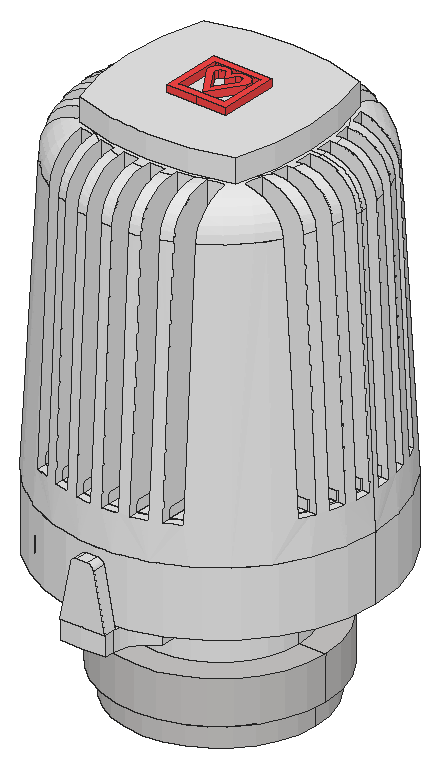
Revit family "HERZ-Thermostatkopf M28x1.5 7230", category Rohrzubehör, Revit 2019
Family settings
  Bemaßung runder Anschluss = Durchmesser verwenden
  Teiletyp = Normal
  OmniClass-Nummer = 23.65.55.14
  OmniClass-Titel = Valves for Liquid Services
  Arbeitsebenenbasiert = Nein
  Immer vertikal = Nein
  Beim Laden mit Abzugskörper schneiden = Nein
  Gemeinsam genutzt = Nein
Parameters
  automatische Frostsicherung = "bei ca. 6°C"  # constant formula
  W02 = 120.00°  # constant formula
  W01 = 135.00°  # constant formula
  URL = "www.herz-armaturen.at"
  Sollwerbereich = "0 - 28°C"  # constant formula
  S02 = 60.000 mm  # constant formula
  S01 = H02 + H07  # 76.000 mm
  R07 = 6.000 mm  # constant formula
  R06 = 24.000 mm  # constant formula
  R05 = 16.350 mm  # constant formula
  R04 = 14.750 mm  # constant formula
  R03 = 13.200 mm  # constant formula
  R02 = 12.200 mm  # constant formula
  R01 = 22.400 mm  # constant formula
  Hersteller = "HERZ Armaturen Ges.m.b.H."  # constant formula
  Handrad = "Kunststoff, weiß"  # constant formula
  H09 = 3.500 mm  # constant formula
  H08 = 10.000 mm  # constant formula
  H07 = 59.000 mm  # constant formula
  H06 = 3.000 mm  # constant formula
  H05 = 10.500 mm  # constant formula
  H03 = 5.500 mm  # constant formula
  H02 = 17.000 mm  # constant formula
  H01 = 34.000 mm  # constant formula
  Funktionsweise = "Der HERZ-Thermostat dient als Fühl- und Regelelement.\r\nDurch die Volumsänderung der Flüssigkeitsfüllung im HERZ-Hydrosensor wird die Schubspindel des Ventils bewegt."
  Bestellnummer = 1723006  # constant formula
  Ausführung = "Heizkörperthermostat mit Flüssigkeitsfühler (Hydrosensor)\r\nmit Stellung „0“, Frostsicherung einstellbar, mit Begrenzung und Blockierung des Sollwertbereiches. Handradfarbe weiß."
  Anwendungen = "Zur Montage auf allen HERZ-Ventilen, die für thermostatischen Betrieb eingerichtet sind."
Reference planes
  plane 1 "Mitte (Vorne/hinten)": y = 0
  plane 2: z = 0
  plane 3 "Mitte (Links/rechts)": x = 0
Forms (mm)
  Revolve 1, solid, material "Kunststoff weiß", detail levels fine
    sketch origin (0, 0, 0) x (1, 0, 0) y (0, 0, 1)
      loop
        line (0, 0) -> (13.2, 0) -> (13.2, 4.5) -> (12.2, 5.5) -> (12.2, 17) -> (22.4, 17) -> (22.4, 34) -> (0, 34) -> (0, 0)
      axis (0, 34) -> (0, 0)
    angle from 0 to 360
  Revolve 2, solid, material "Messing verzinkt", detail levels fine
    sketch origin (0, 0, 0) x (1, 0, 0) y (0, 0, 1)
      loop
        line (0, 5.5) -> (13.2, 5.5) -> (13.2, -3.063) -> (14.75, -3.063) -> (14.75, -0.063) -> (16.35, 0.861) -> (16.35, 7.437) -> (0, 7.437) -> (0, 5.5)
      axis (0, 7.437) -> (0, -3.063)
    angle from 0 to 360
  Revolve 3, solid, material "Kunststoff weiß", detail levels fine
    sketch origin (0, 0, 0) x (1, 0, 0) y (0, 0, 1)
      loop
        line (0, 17) -> (24, 17) -> (24, 27) -> (21.791, 70.306)
        arc (21.791, 70.306) -> (19.931, 74.349) -> (15.798, 76) r 6
        line (15.798, 76) -> (0, 76) -> (0, 17)
      axis (0, 76) -> (0, 17)
    angle from 0 to 360
  Extrusion 4, void
    sketch origin (0, 0, 0) x (1, 0, 0) y (0, 1, 0)
      loop
        line (24.458, 0.8) -> (24.458, 3.2) -> (14.361, 3.2)
        arc (14.361, 3.2) -> (14.446, 2.001) -> (14.491, 0.8) r 37
        line (14.491, 0.8) -> (24.458, 0.8)
      loop
        line (24.458, 4.8) -> (24.458, 7.2) -> (13.793, 7.2)
        arc (13.793, 7.2) -> (14.01, 6.003) -> (14.187, 4.8) r 37
        line (14.187, 4.8) -> (24.458, 4.8)
      loop
        line (24.458, 8.8) -> (24.458, 11.2) -> (12.764, 11.2)
        arc (12.764, 11.2) -> (13.121, 10.006) -> (13.438, 8.8) r 37
        line (13.438, 8.8) -> (24.458, 8.8)
      loop
        line (24.458, -0.8) -> (14.491, -0.8)
        arc (14.491, -0.8) -> (14.446, -2.001) -> (14.361, -3.2) r 37
        line (14.361, -3.2) -> (24.458, -3.2) -> (24.458, -0.8)
      loop
        line (24.458, -4.8) -> (14.187, -4.8)
        arc (14.187, -4.8) -> (14.01, -6.003) -> (13.793, -7.2) r 37
        line (13.793, -7.2) -> (24.458, -7.2) -> (24.458, -4.8)
      loop
        line (24.458, -8.8) -> (13.438, -8.8)
        arc (13.438, -8.8) -> (13.121, -10.006) -> (12.764, -11.2) r 37
        line (12.764, -11.2) -> (24.458, -11.2) -> (24.458, -8.8)
      loop
        line (-24.458, 0.8) -> (-14.491, 0.8)
        arc (-14.491, 0.8) -> (-14.446, 2.001) -> (-14.361, 3.2) r 37
        line (-14.361, 3.2) -> (-24.458, 3.2) -> (-24.458, 0.8)
      loop
        line (-24.458, 4.8) -> (-14.187, 4.8)
        arc (-14.187, 4.8) -> (-14.01, 6.003) -> (-13.793, 7.2) r 37
        line (-13.793, 7.2) -> (-24.458, 7.2) -> (-24.458, 4.8)
      loop
        line (-24.458, 8.8) -> (-13.438, 8.8)
        arc (-13.438, 8.8) -> (-13.121, 10.006) -> (-12.764, 11.2) r 37
        line (-12.764, 11.2) -> (-24.458, 11.2) -> (-24.458, 8.8)
      loop
        line (-24.458, -0.8) -> (-24.458, -3.2) -> (-14.361, -3.2)
        arc (-14.361, -3.2) -> (-14.446, -2.001) -> (-14.491, -0.8) r 37
        line (-14.491, -0.8) -> (-24.458, -0.8)
      loop
        line (-24.458, -4.8) -> (-24.458, -7.2) -> (-13.793, -7.2)
        arc (-13.793, -7.2) -> (-14.01, -6.003) -> (-14.187, -4.8) r 37
        line (-14.187, -4.8) -> (-24.458, -4.8)
      loop
        line (-24.458, -8.8) -> (-24.458, -11.2) -> (-12.764, -11.2)
        arc (-12.764, -11.2) -> (-13.121, -10.006) -> (-13.438, -8.8) r 37
        line (-13.438, -8.8) -> (-24.458, -8.8)
      loop
        line (0.8, 24.458) -> (0.8, 14.491)
        arc (0.8, 14.491) -> (2.001, 14.446) -> (3.2, 14.361) r 37
        line (3.2, 14.361) -> (3.2, 24.458) -> (0.8, 24.458)
      loop
        line (4.8, 24.458) -> (4.8, 14.187)
        arc (4.8, 14.187) -> (6.003, 14.01) -> (7.2, 13.793) r 37
        line (7.2, 13.793) -> (7.2, 24.458) -> (4.8, 24.458)
      loop
        line (8.8, 24.458) -> (8.8, 13.438)
        arc (8.8, 13.438) -> (10.006, 13.121) -> (11.2, 12.764) r 37
        line (11.2, 12.764) -> (11.2, 24.458) -> (8.8, 24.458)
      loop
        line (-0.8, 24.458) -> (-3.2, 24.458) -> (-3.2, 14.361)
        arc (-3.2, 14.361) -> (-2.001, 14.446) -> (-0.8, 14.491) r 37
        line (-0.8, 14.491) -> (-0.8, 24.458)
      loop
        line (-4.8, 24.458) -> (-7.2, 24.458) -> (-7.2, 13.793)
        arc (-7.2, 13.793) -> (-6.003, 14.01) -> (-4.8, 14.187) r 37
        line (-4.8, 14.187) -> (-4.8, 24.458)
      loop
        line (-8.8, 24.458) -> (-11.2, 24.458) -> (-11.2, 12.764)
        arc (-11.2, 12.764) -> (-10.006, 13.121) -> (-8.8, 13.438) r 37
        line (-8.8, 13.438) -> (-8.8, 24.458)
      loop
        line (0.8, -24.458) -> (3.2, -24.458) -> (3.2, -14.361)
        arc (3.2, -14.361) -> (2.001, -14.446) -> (0.8, -14.491) r 37
        line (0.8, -14.491) -> (0.8, -24.458)
      loop
        line (4.8, -24.458) -> (7.2, -24.458) -> (7.2, -13.793)
        arc (7.2, -13.793) -> (6.003, -14.01) -> (4.8, -14.187) r 37
        line (4.8, -14.187) -> (4.8, -24.458)
      loop
        line (8.8, -24.458) -> (11.2, -24.458) -> (11.2, -12.764)
        arc (11.2, -12.764) -> (10.006, -13.121) -> (8.8, -13.438) r 37
        line (8.8, -13.438) -> (8.8, -24.458)
      loop
        line (-0.8, -24.458) -> (-0.8, -14.491)
        arc (-0.8, -14.491) -> (-2.001, -14.446) -> (-3.2, -14.361) r 37
        line (-3.2, -14.361) -> (-3.2, -24.458) -> (-0.8, -24.458)
      loop
        line (-4.8, -24.458) -> (-4.8, -14.187)
        arc (-4.8, -14.187) -> (-6.003, -14.01) -> (-7.2, -13.793) r 37
        line (-7.2, -13.793) -> (-7.2, -24.458) -> (-4.8, -24.458)
      loop
        line (-8.8, -24.458) -> (-8.8, -13.438)
        arc (-8.8, -13.438) -> (-10.006, -13.121) -> (-11.2, -12.764) r 37
        line (-11.2, -12.764) -> (-11.2, -24.458) -> (-8.8, -24.458)
    from 32.5 to 78
  Extrusion 5, solid, material "Kunststoff weiß", detail levels fine
    sketch origin (0, 0, 0) x (1, 0, 0) y (0, 1, 0)
      loop
        arc (12, 12) -> (0, 14) -> (-12, 12) r 37
        arc (-12, 12) -> (-14, 0) -> (-12, -12) r 37
        arc (-12, -12) -> (0, -14) -> (12, -12) r 37
        arc (12, -12) -> (14, 0) -> (12, 12) r 37
    from 76 to 79.5
  Extrusion 6, solid, material "Kunststoff weiß", detail levels fine
    sketch origin (0.017, -0.017, 0) x (0, -1, 0) y (1, 0, 0)
      loop
        line (14.714, 6.983) -> (14.714, -7.017) -> (19.645, -7.017)
        arc (19.645, -7.017) -> (21.761, -4.508) -> (24.882, -3.488) r 6
        line (24.882, -3.488) -> (26.272, -3.488)
        arc (26.272, -3.488) -> (26.5, 0) -> (26.267, 3.488) r 26.5
        line (26.267, 3.488) -> (24.882, 3.488)
        arc (24.882, 3.488) -> (21.777, 4.497) -> (19.66, 6.983) r 6
        line (19.66, 6.983) -> (14.714, 6.983)
    from 14 to 17
  Extrusion 7, solid, material "Kunststoff weiß", detail levels fine
    sketch origin (0.017, -0.017, 0) x (1, 0, 0) y (0, 0, 1)
      loop
        arc (-0.8, 26.1) -> (-1.432, 25.875) -> (-1.779, 25.302) r 1
        line (-1.779, 25.302) -> (-3.488, 17) -> (3.488, 17) -> (1.779, 25.302)
        arc (1.779, 25.302) -> (1.432, 25.875) -> (0.8, 26.1) r 1
        line (0.8, 26.1) -> (-0.8, 26.1)
    from 26.5 to 24.5
Cuts and joins
  Extrusion 4 cuts Revolve 1
  Extrusion 4 cuts Revolve 3
Lines and regions (mm)
  model lines, detail levels coarse+medium
    curve 1: line (0, 0, 0) -> (0, 0, 16)
    curve 2: line (0, 0, 0) -> (0, 16, 0)
    curve 3: circle (0, 0, 46) r 30 normal (0, -1, 0)
    curve 4: circle (0, 0, 46) r 30 normal (1, 0, 0)
    curve 5: line (0, 0, 26) -> (0, 0, 66)
    curve 6: line (0, 17.5, 66) -> (0, -17.5, 66)
    curve 7: line (0, 0, 26) -> (0, 0, 66)
    curve 8: line (-17.5, 0, 66) -> (17.5, 0, 66)
    curve 9: circle (0, 46, 0) r 30 normal (0, 0, 1)
    curve 10: line (0, 26, 0) -> (0, 66, 0)
    curve 11: line (-17.5, 66, 0) -> (17.5, 66, 0)
Dimensions and locks
  "H01": Revolve 1 sketch curve to Revolve 1 sketch curve
  "H02": Revolve 1 sketch curve to Revolve 1 sketch curve
  "H03": Revolve 1 sketch curve to Revolve 1 sketch curve
  "R01": Revolve 1 sketch curve to Revolve 1 sketch curve
  "R02": Revolve 1 sketch curve to Revolve 1 sketch curve
  "R03": Revolve 1 sketch curve to Revolve 1 sketch curve
  "H05": Revolve 2 sketch curve to Revolve 2 sketch curve
  "H06": Revolve 2 sketch curve to Revolve 2 sketch curve
  "H03": Revolve 2 sketch curve to plane 2
  "R04": Revolve 2 sketch curve to plane 3 "Mitte (Links/rechts)"
  "R03": plane 3 "Mitte (Links/rechts)" to Revolve 2 sketch curve
  "R05": Revolve 2 sketch curve to plane 3 "Mitte (Links/rechts)"
  "H08": Revolve 3 sketch curve to Revolve 3 sketch curve
  "R06": Revolve 3 sketch curve to Revolve 3 sketch curve
  "H02": Revolve 3 sketch curve to plane 2
  "H07": Revolve 3 sketch curve to Revolve 3 sketch curve
  "S01": curve 4 to plane 2
  "S01": curve 3 to plane 2
  "S01": plane 1 "Mitte (Vorne/hinten)" to curve 9
  "R07": radius of Revolve 3 sketch curve
  "S02": diameter of curve 3
  "S02": diameter of curve 4
  "S02": diameter of curve 9
  "W01": angle Revolve 1 sketch curve to Revolve 1 sketch curve
  "W02": angle Revolve 2 sketch curve to Revolve 2 sketch curve
  aligned and locked: level to plane 2
Automatic sketch dimensions
  plane 1 "Mitte (Vorne/hinten)" to Extrusion 5 sketch curve = 0.000 mm  (x2)
  Extrusion 5 sketch curve to plane 3 "Mitte (Links/rechts)" = 0.000 mm  (x2)
  Extrusion 5 sketch curve to plane 3 "Mitte (Links/rechts)" = 23.000 mm
  plane 3 "Mitte (Links/rechts)" to Extrusion 5 sketch curve = 23.000 mm
  plane 1 "Mitte (Vorne/hinten)" to Extrusion 5 sketch curve = 23.000 mm
  Extrusion 5 sketch curve to plane 1 "Mitte (Vorne/hinten)" = 23.000 mm
  Extrusion 5 sketch curve to plane 3 "Mitte (Links/rechts)" = 12.000 mm  (x2)
  plane 3 "Mitte (Links/rechts)" to Extrusion 5 sketch curve = 12.000 mm
  plane 1 "Mitte (Vorne/hinten)" to Extrusion 5 sketch curve = 12.000 mm
  Extrusion 4 sketch curve to Extrusion 4 sketch curve = 0.000 mm  (x58)
  plane 1 "Mitte (Vorne/hinten)" to Extrusion 4 sketch curve = 0.000 mm  (x2)
  Extrusion 4 sketch curve to plane 3 "Mitte (Links/rechts)" = 0.000 mm  (x2)
  Extrusion 4 sketch curve to plane 3 "Mitte (Links/rechts)" = 0.800 mm  (x2)
  Extrusion 4 sketch curve to Extrusion 4 sketch curve = 2.400 mm  (x12)
  Extrusion 4 sketch curve to Extrusion 4 sketch curve = 1.600 mm  (x16)
  Extrusion 4 sketch curve to Extrusion 4 sketch curve = 1.564 mm  (x8)
  Extrusion 4 sketch curve to Extrusion 4 sketch curve = 0.674 mm  (x5)
  Extrusion 4 sketch curve to Extrusion 4 sketch curve = 0.354 mm  (x8)
  Extrusion 4 sketch curve to Extrusion 4 sketch curve = 0.395 mm  (x4)
  Extrusion 4 sketch curve to Extrusion 4 sketch curve = 0.174 mm  (x8)
  plane 1 "Mitte (Vorne/hinten)" to Extrusion 4 sketch curve = 0.800 mm  (x2)
  Extrusion 4 sketch curve to Extrusion 4 sketch curve = 0.130 mm  (x2)
  Extrusion 4 sketch curve to plane 1 "Mitte (Vorne/hinten)" = 0.800 mm  (x2)
  Extrusion 4 sketch curve to Extrusion 4 sketch curve = 8.009 mm  (x3)
  Extrusion 4 sketch curve to Extrusion 4 sketch curve = 1.958 mm  (x7)
  plane 3 "Mitte (Links/rechts)" to Extrusion 4 sketch curve = 0.800 mm  (x2)
  Extrusion 4 sketch curve to Extrusion 4 sketch curve = 11.019 mm
  Extrusion 6 sketch curve to plane 3 "Mitte (Links/rechts)" = 0.000 mm
  plane 1 "Mitte (Vorne/hinten)" to Extrusion 6 sketch curve = 0.017 mm
  Extrusion 6 sketch curve to plane 3 "Mitte (Links/rechts)" = 7.000 mm
  plane 1 "Mitte (Vorne/hinten)" to Extrusion 6 sketch curve = 14.731 mm
  Extrusion 6 sketch curve to Extrusion 6 sketch curve = 4.930 mm
  Extrusion 6 sketch curve to Extrusion 6 sketch curve = 4.946 mm
  Extrusion 6 sketch curve to plane 3 "Mitte (Links/rechts)" = 3.471 mm
  Extrusion 6 sketch curve to Extrusion 6 sketch curve = 5.237 mm
  Extrusion 6 sketch curve to Extrusion 6 sketch curve = 5.222 mm
  Extrusion 6 sketch curve to Extrusion 6 sketch curve = 5.470 mm
  Extrusion 6 sketch curve to Extrusion 6 sketch curve = 0.233 mm
  Extrusion 6 sketch curve to Extrusion 6 sketch curve = 1.390 mm
  plane 3 "Mitte (Links/rechts)" to Extrusion 6 sketch curve = 3.505 mm
  Extrusion 6 sketch curve to Extrusion 6 sketch curve = 3.495 mm
  Extrusion 6 sketch curve to Extrusion 6 sketch curve = 0.000 mm
  Extrusion 7 sketch curve to plane 3 "Mitte (Links/rechts)" = 3.471 mm
  Extrusion 7 sketch curve to plane 3 "Mitte (Links/rechts)" = 1.763 mm
  Extrusion 7 sketch curve to plane 3 "Mitte (Links/rechts)" = 0.783 mm
  plane 3 "Mitte (Links/rechts)" to Extrusion 7 sketch curve = 0.817 mm
  Extrusion 7 sketch curve to Extrusion 7 sketch curve = 0.979 mm
  plane 3 "Mitte (Links/rechts)" to Extrusion 7 sketch curve = 3.505 mm
  level to Extrusion 7 sketch curve = 17.000 mm
  Extrusion 7 sketch curve to Extrusion 7 sketch curve = 8.100 mm
  Extrusion 7 sketch curve to Extrusion 7 sketch curve = 0.000 mm
  Extrusion 7 sketch curve to Extrusion 7 sketch curve = 0.202 mm
  curve 5 to plane 1 "Mitte (Vorne/hinten)" = 0.000 mm
  curve 4 to plane 1 "Mitte (Vorne/hinten)" = 0.000 mm
  plane 1 "Mitte (Vorne/hinten)" to curve 6 = 17.500 mm
  curve 5 to curve 6 = 17.500 mm
  curve 5 to curve 4 = 20.000 mm
  curve 4 to curve 6 = 20.000 mm
  curve 3 to plane 3 "Mitte (Links/rechts)" = 0.000 mm
  curve 7 to plane 3 "Mitte (Links/rechts)" = 0.000 mm
  curve 1 to plane 3 "Mitte (Links/rechts)" = 0.000 mm
  curve 1 to level = 0.000 mm
  curve 8 to plane 3 "Mitte (Links/rechts)" = 17.500 mm
  curve 7 to curve 8 = 17.500 mm
  curve 1 to curve 7 = 10.000 mm
  curve 3 to curve 8 = 20.000 mm
  curve 9 to plane 3 "Mitte (Links/rechts)" = 0.000 mm
  curve 10 to plane 3 "Mitte (Links/rechts)" = 0.000 mm
  curve 2 to plane 3 "Mitte (Links/rechts)" = 0.000 mm
  plane 1 "Mitte (Vorne/hinten)" to curve 2 = 0.000 mm
  curve 11 to curve 10 = 17.500 mm
  plane 3 "Mitte (Links/rechts)" to curve 11 = 17.500 mm
  curve 2 to curve 10 = 10.000 mm
  curve 9 to curve 11 = 20.000 mm
  Revolve 1 sketch curve to level = 0.000 mm
  Revolve 1 sketch curve to plane 3 "Mitte (Links/rechts)" = 0.000 mm  (x2)
  Revolve 1 sketch curve to level = 366.045 mm
  Revolve 1 sketch curve to Revolve 1 sketch curve = 2180.315 mm
  Revolve 2 sketch curve to plane 3 "Mitte (Links/rechts)" = 0.000 mm  (x2)
  level to Revolve 2 sketch curve = 0.861 mm
  Revolve 2 sketch curve to Revolve 2 sketch curve = 362.982 mm
  Revolve 2 sketch curve to Revolve 2 sketch curve = 2206.878 mm
  Revolve 3 sketch curve to plane 3 "Mitte (Links/rechts)" = 0.000 mm  (x2)
  plane 3 "Mitte (Links/rechts)" to Revolve 3 sketch curve = 15.798 mm
  Revolve 3 sketch curve to Revolve 3 sketch curve = 5.992 mm
  Revolve 3 sketch curve to level = 366.045 mm
  Revolve 3 sketch curve to Revolve 3 sketch curve = 2138.315 mm
Nested families
  nested 1: "Herz-Logo" at (0, 0, 79), type "Herz-Logo", detail levels fine
Definition of nested family "Herz-Logo"
  Reference planes
    plane 1 "Mitte (Vorne/hinten)": y = 0
    plane 2: z = 0
    plane 3 "Mitte (Links/rechts)": x = 0
  Forms (mm)
    Extrusion 1, solid
      sketch origin (0, 0, 0) x (1, 0, 0) y (0, 1, 0)
        loop
          line (-0.018, -4.517) -> (4.482, -4.517) -> (4.482, 4.483) -> (-4.518, 4.483) -> (-4.518, -4.517) -> (-0.018, -4.517)
        loop
          line (-0.05, -3.48) -> (3.482, -3.48) -> (3.482, 3.483) -> (-3.518, 3.483) -> (-3.518, -3.48) -> (-0.05, -3.48)
        loop
          arc (-0.018, 2.383) -> (-1.543, 3.287) -> (-3.067, 2.383) r 1.738
          arc (-3.067, 2.383) -> (-3.191, 1.899) -> (-3.067, 1.415) r 1.009
          line (-3.067, 1.415) -> (-0.018, -3.281) -> (3.032, 1.415)
          arc (3.032, 1.415) -> (3.156, 1.899) -> (3.032, 2.383) r 1.009
          arc (3.032, 2.383) -> (1.507, 3.287) -> (-0.018, 2.383) r 1.738
        loop
          arc (1.885, 1.272) -> (2.005, 1.675) -> (1.885, 2.079) r 0.74
          arc (1.885, 2.079) -> (1.265, 2.416) -> (0.644, 2.079) r 0.74
          line (0.644, 2.079) -> (-0.018, 0.97) -> (-0.679, 2.079)
          arc (-0.679, 2.079) -> (-1.3, 2.416) -> (-1.921, 2.079) r 0.74
          arc (-1.921, 2.079) -> (-2.04, 1.675) -> (-1.921, 1.272) r 0.74
          line (-1.921, 1.272) -> (-0.018, -1.658) -> (1.885, 1.272)
      from 0 to 1.5
  Dimensions and locks
    aligned and locked: level to plane 2
